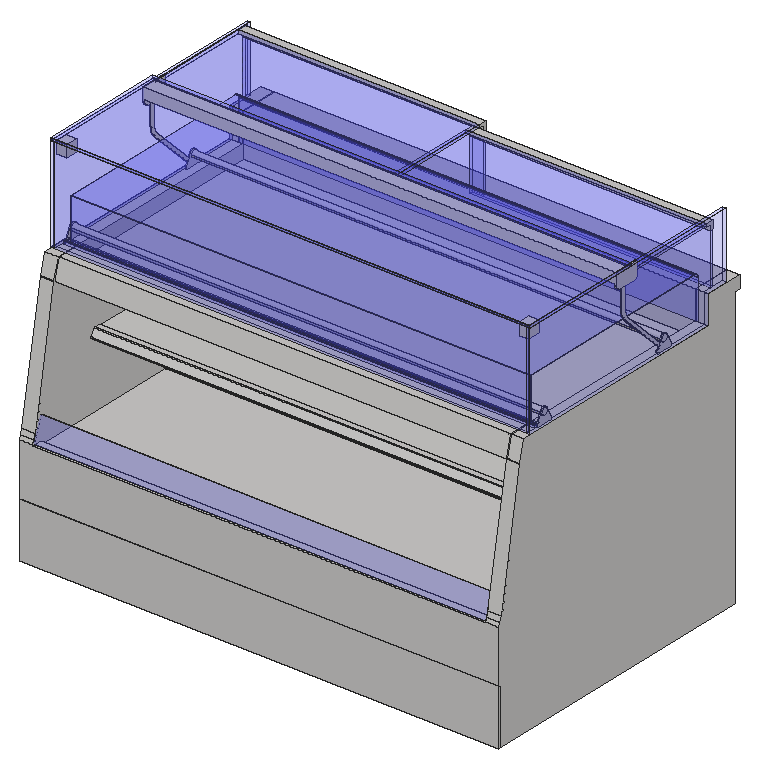
Revit family "Food-Service-Equipment_Oscartek_Gem_Combi-1500Rt_cat", category Specialty Equipment, Revit 2026 (continued)
Lines and regions (in)
  Split face 109
    outline origin (78.66942, -0.7874, 19.69127) x (0, 0, 1) y (1, 0, 0)
      loop
        arc (-11.31385, -24.64844) -> (-11.2717, -24.63434) -> (-11.2465, -24.59773) r 0.07008
        line (-11.2465, -24.59773) -> (-11.13107, -24.19633)
        arc (-11.13107, -24.19633) -> (-11.12085, -24.14839) -> (-11.11742, -24.09949) r 0.35039
  Split face 110
    outline origin (78.66942, -0.7874, 18.69127) x (0, 0, 1) y (1, 0, 0)
      loop
        line (-11.11742, -24.09949) -> (-11.11742, -23.22889)
        arc (-11.11742, -23.22889) -> (-11.12085, -23.17999) -> (-11.13107, -23.13205) r 0.35039
        line (-11.13107, -23.13205) -> (-11.2465, -22.73065)
        arc (-11.2465, -22.73065) -> (-11.2717, -22.69404) -> (-11.31385, -22.67994) r 0.07008
        line (-11.31385, -22.67994) -> (-11.41227, -22.67994) -> (-11.41227, -24.64844) -> (-11.31385, -24.64844)
        arc (-11.31385, -24.64844) -> (-11.2717, -24.63434) -> (-11.2465, -24.59773) r 0.07008
        line (-11.2465, -24.59773) -> (-11.13107, -24.19633)
        arc (-11.13107, -24.19633) -> (-11.12085, -24.14839) -> (-11.11742, -24.09949) r 0.35039
  Split face 111
    outline origin (78.66942, -0.7874, 17.69127) x (0, 0, 1) y (1, 0, 0)
      loop
        line (-11.11742, -24.09949) -> (-11.11742, -23.22889)
        arc (-11.11742, -23.22889) -> (-11.12085, -23.17999) -> (-11.13107, -23.13205) r 0.35039
        line (-11.13107, -23.13205) -> (-11.2465, -22.73065)
        arc (-11.2465, -22.73065) -> (-11.2717, -22.69404) -> (-11.31385, -22.67994) r 0.07008
        line (-11.31385, -22.67994) -> (-11.41227, -22.67994) -> (-11.41227, -24.64844) -> (-11.31385, -24.64844)
        arc (-11.31385, -24.64844) -> (-11.2717, -24.63434) -> (-11.2465, -24.59773) r 0.07008
        line (-11.2465, -24.59773) -> (-11.13107, -24.19633)
        arc (-11.13107, -24.19633) -> (-11.12085, -24.14839) -> (-11.11742, -24.09949) r 0.35039
  Split face 112
    outline origin (69.66942, -0.7874, 27.69127) x (0, 0, 1) y (1, 0, 0)
      loop
        line (-11.11742, -24.09949) -> (-11.11742, -23.22889)
        arc (-11.11742, -23.22889) -> (-11.12085, -23.17999) -> (-11.13107, -23.13205) r 0.35039
        line (-11.13107, -23.13205) -> (-11.2465, -22.73065)
        arc (-11.2465, -22.73065) -> (-11.2717, -22.69404) -> (-11.31385, -22.67994) r 0.07008
        line (-11.31385, -22.67994) -> (-11.41227, -22.67994) -> (-11.41227, -24.64844) -> (-11.31385, -24.64844)
        arc (-11.31385, -24.64844) -> (-11.2717, -24.63434) -> (-11.2465, -24.59773) r 0.07008
        line (-11.2465, -24.59773) -> (-11.13107, -24.19633)
        arc (-11.13107, -24.19633) -> (-11.12085, -24.14839) -> (-11.11742, -24.09949) r 0.35039
  Split face 113
    outline origin (71.91942, -0.7874, 27.69127) x (0, 0, 1) y (1, 0, 0)
      loop
        line (-11.11742, -24.09949) -> (-11.11742, -23.22889)
        arc (-11.11742, -23.22889) -> (-11.12085, -23.17999) -> (-11.13107, -23.13205) r 0.35039
        line (-11.13107, -23.13205) -> (-11.2465, -22.73065)
        arc (-11.2465, -22.73065) -> (-11.2717, -22.69404) -> (-11.31385, -22.67994) r 0.07008
        line (-11.31385, -22.67994) -> (-11.41227, -22.67994) -> (-11.41227, -24.64844) -> (-11.31385, -24.64844)
        arc (-11.31385, -24.64844) -> (-11.2717, -24.63434) -> (-11.2465, -24.59773) r 0.07008
        line (-11.2465, -24.59773) -> (-11.13107, -24.19633)
        arc (-11.13107, -24.19633) -> (-11.12085, -24.14839) -> (-11.11742, -24.09949) r 0.35039
  Split face 114
    outline origin (74.16942, -0.7874, 27.69127) x (0, 0, 1) y (1, 0, 0)
      loop
        line (-11.11742, -24.09949) -> (-11.11742, -23.22889)
        arc (-11.11742, -23.22889) -> (-11.12085, -23.17999) -> (-11.13107, -23.13205) r 0.35039
        line (-11.13107, -23.13205) -> (-11.2465, -22.73065)
        arc (-11.2465, -22.73065) -> (-11.2717, -22.69404) -> (-11.31385, -22.67994) r 0.07008
        line (-11.31385, -22.67994) -> (-11.41227, -22.67994) -> (-11.41227, -24.64844) -> (-11.31385, -24.64844)
        arc (-11.31385, -24.64844) -> (-11.2717, -24.63434) -> (-11.2465, -24.59773) r 0.07008
        line (-11.2465, -24.59773) -> (-11.13107, -24.19633)
        arc (-11.13107, -24.19633) -> (-11.12085, -24.14839) -> (-11.11742, -24.09949) r 0.35039
  Split face 115
    outline origin (76.41942, -0.7874, 27.69127) x (0, 0, 1) y (1, 0, 0)
      loop
        line (-11.11742, -24.09949) -> (-11.11742, -23.22889)
        arc (-11.11742, -23.22889) -> (-11.12085, -23.17999) -> (-11.13107, -23.13205) r 0.35039
        line (-11.13107, -23.13205) -> (-11.2465, -22.73065)
        arc (-11.2465, -22.73065) -> (-11.2717, -22.69404) -> (-11.31385, -22.67994) r 0.07008
        line (-11.31385, -22.67994) -> (-11.41227, -22.67994) -> (-11.41227, -24.64844) -> (-11.31385, -24.64844)
        arc (-11.31385, -24.64844) -> (-11.2717, -24.63434) -> (-11.2465, -24.59773) r 0.07008
        line (-11.2465, -24.59773) -> (-11.13107, -24.19633)
        arc (-11.13107, -24.19633) -> (-11.12085, -24.14839) -> (-11.11742, -24.09949) r 0.35039
  Split face 116
    outline origin (78.66942, -0.7874, 27.69127) x (0, 0, 1) y (1, 0, 0)
      loop
        line (-11.11742, -24.09949) -> (-11.11742, -23.22889)
        arc (-11.11742, -23.22889) -> (-11.12085, -23.17999) -> (-11.13107, -23.13205) r 0.35039
        line (-11.13107, -23.13205) -> (-11.2465, -22.73065)
        arc (-11.2465, -22.73065) -> (-11.2717, -22.69404) -> (-11.31385, -22.67994) r 0.07008
        line (-11.31385, -22.67994) -> (-11.41227, -22.67994) -> (-11.41227, -24.64844) -> (-11.31385, -24.64844)
        arc (-11.31385, -24.64844) -> (-11.2717, -24.63434) -> (-11.2465, -24.59773) r 0.07008
        line (-11.2465, -24.59773) -> (-11.13107, -24.19633)
        arc (-11.13107, -24.19633) -> (-11.12085, -24.14839) -> (-11.11742, -24.09949) r 0.35039
  Split face 117
    outline origin (9.84375, -0.5374, 26.69127) x (0, 0, 1) y (1, 0, 0)
      loop
        line (-8.59434, 19.75) -> (-9.40943, 19.75) -> (-9.40943, 17.67104) -> (-8.59434, 17.67104) -> (-8.59434, 19.75)
  Split face 118
    outline origin (7.64222, -0.5374, 26.68299) x (0, 0, 1) y (1, 0, 0)
      loop
        line (-8.58607, 19.73084) -> (-8.94073, 19.73084) -> (-8.94073, 19.20328) -> (-8.58607, 19.20328) -> (-8.58607, 19.73084)
  Split face 119
    outline origin (7.64222, -0.5374, 26.2226) x (0, 0, 1) y (1, 0, 0)
      loop
        line (-8.58607, 19.73084) -> (-8.94073, 19.73084) -> (-8.94073, 19.20328) -> (-8.58607, 19.20328) -> (-8.58607, 19.73084)
  Split face 120
    outline origin (7.03198, -0.5374, 26.68299) x (0, 0, 1) y (1, 0, 0)
      loop
        line (-8.58607, 19.73084) -> (-8.94073, 19.73084) -> (-8.94073, 19.20328) -> (-8.58607, 19.20328) -> (-8.58607, 19.73084)
  Split face 121
    outline origin (7.03198, -0.5374, 26.2226) x (0, 0, 1) y (1, 0, 0)
      loop
        line (-8.58607, 19.73084) -> (-8.94073, 19.73084) -> (-8.94073, 19.20328) -> (-8.58607, 19.20328) -> (-8.58607, 19.73084)
  Split face 122
    outline origin (6.42175, -0.5374, 26.68299) x (0, 0, 1) y (1, 0, 0)
      loop
        line (-8.58607, 19.73084) -> (-8.94073, 19.73084) -> (-8.94073, 19.20328) -> (-8.58607, 19.20328) -> (-8.58607, 19.73084)
  Split face 123
    outline origin (6.42175, -0.5374, 26.2226) x (0, 0, 1) y (1, 0, 0)
      loop
        line (-8.58607, 19.73084) -> (-8.94073, 19.73084) -> (-8.94073, 19.20328) -> (-8.58607, 19.20328) -> (-8.58607, 19.73084)
  Split face 124
    outline origin (5.81151, -0.5374, 26.68299) x (0, 0, 1) y (1, 0, 0)
      loop
        line (-8.58607, 19.73084) -> (-8.94073, 19.73084) -> (-8.94073, 19.20328) -> (-8.58607, 19.20328) -> (-8.58607, 19.73084)
  Split face 125
    outline origin (5.81151, -0.5374, 26.2226) x (0, 0, 1) y (1, 0, 0)
      loop
        line (-8.58607, 19.73084) -> (-8.94073, 19.73084) -> (-8.94073, 19.20328) -> (-8.58607, 19.20328) -> (-8.58607, 19.73084)
  Split face 126
    outline origin (-3.72398, -37.125, -27.09375) x (0, 0, 1) y (-1, 0, 0)
      loop
        line (29.0915, -14.05198) -> (29.18992, -14.05198)
        arc (29.18992, -14.05198) -> (29.23207, -14.03789) -> (29.25727, -14.00127) r 0.07008
        line (29.25727, -14.00127) -> (29.3727, -13.59987)
        arc (29.3727, -13.59987) -> (29.38291, -13.55193) -> (29.38634, -13.50303) r 0.35039
        line (29.38634, -13.50303) -> (29.38634, -12.63243)
        arc (29.38634, -12.63243) -> (29.38291, -12.58353) -> (29.3727, -12.53559) r 0.35039
        line (29.3727, -12.53559) -> (29.25727, -12.13419)
        arc (29.25727, -12.13419) -> (29.23207, -12.09758) -> (29.18992, -12.08348) r 0.07008
        line (29.18992, -12.08348) -> (29.0915, -12.08348) -> (29.0915, -14.05198)
  Split face 127
    outline origin (-3.67836, -37.125, -26.54631) x (0, 0, 1) y (-1, 0, 0)
      loop
        line (29.54406, -14.00636) -> (29.64248, -14.00636)
        arc (29.64248, -14.00636) -> (29.68463, -13.99227) -> (29.70983, -13.95565) r 0.07008
        line (29.70983, -13.95565) -> (29.82526, -13.55425)
        arc (29.82526, -13.55425) -> (29.83548, -13.50631) -> (29.83891, -13.45741) r 0.35039
        line (29.83891, -13.45741) -> (29.83891, -12.58681)
        arc (29.83891, -12.58681) -> (29.83548, -12.53791) -> (29.82526, -12.48997) r 0.35039
        line (29.82526, -12.48997) -> (29.70983, -12.08857)
        arc (29.70983, -12.08857) -> (29.68463, -12.05196) -> (29.64248, -12.03786) r 0.07008
        line (29.64248, -12.03786) -> (29.54406, -12.03786) -> (29.54406, -14.00636)
  Split face 128
    outline origin (-3.72398, -37.125, -28.09375) x (0, 0, 1) y (-1, 0, 0)
      loop
        line (29.0915, -14.05198) -> (29.18992, -14.05198)
        arc (29.18992, -14.05198) -> (29.23207, -14.03789) -> (29.25727, -14.00127) r 0.07008
        line (29.25727, -14.00127) -> (29.3727, -13.59987)
        arc (29.3727, -13.59987) -> (29.38291, -13.55193) -> (29.38634, -13.50303) r 0.35039
        line (29.38634, -13.50303) -> (29.38634, -12.63243)
        arc (29.38634, -12.63243) -> (29.38291, -12.58353) -> (29.3727, -12.53559) r 0.35039
        line (29.3727, -12.53559) -> (29.25727, -12.13419)
        arc (29.25727, -12.13419) -> (29.23207, -12.09758) -> (29.18992, -12.08348) r 0.07008
        line (29.18992, -12.08348) -> (29.0915, -12.08348) -> (29.0915, -14.05198)
  Split face 129
    outline origin (-1.47398, -37.125, -27.09375) x (0, 0, 1) y (-1, 0, 0)
      loop
        line (29.0915, -14.05198) -> (29.18992, -14.05198)
        arc (29.18992, -14.05198) -> (29.23207, -14.03789) -> (29.25727, -14.00127) r 0.07008
        line (29.25727, -14.00127) -> (29.3727, -13.59987)
        arc (29.3727, -13.59987) -> (29.38291, -13.55193) -> (29.38634, -13.50303) r 0.35039
        line (29.38634, -13.50303) -> (29.38634, -12.63243)
        arc (29.38634, -12.63243) -> (29.38291, -12.58353) -> (29.3727, -12.53559) r 0.35039
        line (29.3727, -12.53559) -> (29.25727, -12.13419)
        arc (29.25727, -12.13419) -> (29.23207, -12.09758) -> (29.18992, -12.08348) r 0.07008
        line (29.18992, -12.08348) -> (29.0915, -12.08348) -> (29.0915, -14.05198)
  Split face 130
    outline origin (-1.42836, -37.125, -26.54631) x (0, 0, 1) y (-1, 0, 0)
      loop
        line (29.54406, -14.00636) -> (29.64248, -14.00636)
        arc (29.64248, -14.00636) -> (29.68463, -13.99227) -> (29.70983, -13.95565) r 0.07008
        line (29.70983, -13.95565) -> (29.82526, -13.55425)
        arc (29.82526, -13.55425) -> (29.83548, -13.50631) -> (29.83891, -13.45741) r 0.35039
        line (29.83891, -13.45741) -> (29.83891, -12.58681)
        arc (29.83891, -12.58681) -> (29.83548, -12.53791) -> (29.82526, -12.48997) r 0.35039
        line (29.82526, -12.48997) -> (29.70983, -12.08857)
        arc (29.70983, -12.08857) -> (29.68463, -12.05196) -> (29.64248, -12.03786) r 0.07008
        line (29.64248, -12.03786) -> (29.54406, -12.03786) -> (29.54406, -14.00636)
  Split face 131
    outline origin (-1.47398, -37.125, -28.09375) x (0, 0, 1) y (-1, 0, 0)
      loop
        line (29.0915, -14.05198) -> (29.18992, -14.05198)
        arc (29.18992, -14.05198) -> (29.23207, -14.03789) -> (29.25727, -14.00127) r 0.07008
        line (29.25727, -14.00127) -> (29.3727, -13.59987)
        arc (29.3727, -13.59987) -> (29.38291, -13.55193) -> (29.38634, -13.50303) r 0.35039
        line (29.38634, -13.50303) -> (29.38634, -12.63243)
        arc (29.38634, -12.63243) -> (29.38291, -12.58353) -> (29.3727, -12.53559) r 0.35039
        line (29.3727, -12.53559) -> (29.25727, -12.13419)
        arc (29.25727, -12.13419) -> (29.23207, -12.09758) -> (29.18992, -12.08348) r 0.07008
        line (29.18992, -12.08348) -> (29.0915, -12.08348) -> (29.0915, -14.05198)
  Split face 132
    outline origin (0.77602, -37.125, -27.09375) x (0, 0, 1) y (-1, 0, 0)
      loop
        line (29.0915, -14.05198) -> (29.18992, -14.05198)
        arc (29.18992, -14.05198) -> (29.23207, -14.03789) -> (29.25727, -14.00127) r 0.07008
        line (29.25727, -14.00127) -> (29.3727, -13.59987)
        arc (29.3727, -13.59987) -> (29.38291, -13.55193) -> (29.38634, -13.50303) r 0.35039
        line (29.38634, -13.50303) -> (29.38634, -12.63243)
        arc (29.38634, -12.63243) -> (29.38291, -12.58353) -> (29.3727, -12.53559) r 0.35039
        line (29.3727, -12.53559) -> (29.25727, -12.13419)
        arc (29.25727, -12.13419) -> (29.23207, -12.09758) -> (29.18992, -12.08348) r 0.07008
        line (29.18992, -12.08348) -> (29.0915, -12.08348) -> (29.0915, -14.05198)
  Split face 133
    outline origin (0.82164, -37.125, -26.54631) x (0, 0, 1) y (-1, 0, 0)
      loop
        line (29.54406, -14.00636) -> (29.64248, -14.00636)
        arc (29.64248, -14.00636) -> (29.68463, -13.99227) -> (29.70983, -13.95565) r 0.07008
        line (29.70983, -13.95565) -> (29.82526, -13.55425)
        arc (29.82526, -13.55425) -> (29.83548, -13.50631) -> (29.83891, -13.45741) r 0.35039
        line (29.83891, -13.45741) -> (29.83891, -12.58681)
        arc (29.83891, -12.58681) -> (29.83548, -12.53791) -> (29.82526, -12.48997) r 0.35039
        line (29.82526, -12.48997) -> (29.70983, -12.08857)
        arc (29.70983, -12.08857) -> (29.68463, -12.05196) -> (29.64248, -12.03786) r 0.07008
        line (29.64248, -12.03786) -> (29.54406, -12.03786) -> (29.54406, -14.00636)
  Split face 134
    outline origin (0.77602, -37.125, -28.09375) x (0, 0, 1) y (-1, 0, 0)
      loop
        line (29.0915, -14.05198) -> (29.18992, -14.05198)
        arc (29.18992, -14.05198) -> (29.23207, -14.03789) -> (29.25727, -14.00127) r 0.07008
        line (29.25727, -14.00127) -> (29.3727, -13.59987)
        arc (29.3727, -13.59987) -> (29.38291, -13.55193) -> (29.38634, -13.50303) r 0.35039
        line (29.38634, -13.50303) -> (29.38634, -12.63243)
        arc (29.38634, -12.63243) -> (29.38291, -12.58353) -> (29.3727, -12.53559) r 0.35039
        line (29.3727, -12.53559) -> (29.25727, -12.13419)
        arc (29.25727, -12.13419) -> (29.23207, -12.09758) -> (29.18992, -12.08348) r 0.07008
        line (29.18992, -12.08348) -> (29.0915, -12.08348) -> (29.0915, -14.05198)
  Split face 135
    outline origin (3.02602, -37.125, -27.09375) x (0, 0, 1) y (-1, 0, 0)
      loop
        line (29.0915, -14.05198) -> (29.18992, -14.05198)
        arc (29.18992, -14.05198) -> (29.23207, -14.03789) -> (29.25727, -14.00127) r 0.07008
        line (29.25727, -14.00127) -> (29.3727, -13.59987)
        arc (29.3727, -13.59987) -> (29.38291, -13.55193) -> (29.38634, -13.50303) r 0.35039
        line (29.38634, -13.50303) -> (29.38634, -12.63243)
        arc (29.38634, -12.63243) -> (29.38291, -12.58353) -> (29.3727, -12.53559) r 0.35039
        line (29.3727, -12.53559) -> (29.25727, -12.13419)
        arc (29.25727, -12.13419) -> (29.23207, -12.09758) -> (29.18992, -12.08348) r 0.07008
        line (29.18992, -12.08348) -> (29.0915, -12.08348) -> (29.0915, -14.05198)
  Split face 136
    outline origin (3.07164, -37.125, -26.54631) x (0, 0, 1) y (-1, 0, 0)
      loop
        line (29.54406, -14.00636) -> (29.64248, -14.00636)
        arc (29.64248, -14.00636) -> (29.68463, -13.99227) -> (29.70983, -13.95565) r 0.07008
        line (29.70983, -13.95565) -> (29.82526, -13.55425)
        arc (29.82526, -13.55425) -> (29.83548, -13.50631) -> (29.83891, -13.45741) r 0.35039
        line (29.83891, -13.45741) -> (29.83891, -12.58681)
        arc (29.83891, -12.58681) -> (29.83548, -12.53791) -> (29.82526, -12.48997) r 0.35039
        line (29.82526, -12.48997) -> (29.70983, -12.08857)
        arc (29.70983, -12.08857) -> (29.68463, -12.05196) -> (29.64248, -12.03786) r 0.07008
        line (29.64248, -12.03786) -> (29.54406, -12.03786) -> (29.54406, -14.00636)
  Split face 137
    outline origin (3.02602, -37.125, -28.09375) x (0, 0, 1) y (-1, 0, 0)
      loop
        line (29.0915, -14.05198) -> (29.18992, -14.05198)
        arc (29.18992, -14.05198) -> (29.23207, -14.03789) -> (29.25727, -14.00127) r 0.07008
        line (29.25727, -14.00127) -> (29.3727, -13.59987)
        arc (29.3727, -13.59987) -> (29.38291, -13.55193) -> (29.38634, -13.50303) r 0.35039
        line (29.38634, -13.50303) -> (29.38634, -12.63243)
        arc (29.38634, -12.63243) -> (29.38291, -12.58353) -> (29.3727, -12.53559) r 0.35039
        line (29.3727, -12.53559) -> (29.25727, -12.13419)
        arc (29.25727, -12.13419) -> (29.23207, -12.09758) -> (29.18992, -12.08348) r 0.07008
        line (29.18992, -12.08348) -> (29.0915, -12.08348) -> (29.0915, -14.05198)
  Split face 138
    outline origin (5.27602, -37.125, -27.09375) x (0, 0, 1) y (-1, 0, 0)
      loop
        line (29.0915, -14.05198) -> (29.18992, -14.05198)
        arc (29.18992, -14.05198) -> (29.23207, -14.03789) -> (29.25727, -14.00127) r 0.07008
        line (29.25727, -14.00127) -> (29.3727, -13.59987)
        arc (29.3727, -13.59987) -> (29.38291, -13.55193) -> (29.38634, -13.50303) r 0.35039
        line (29.38634, -13.50303) -> (29.38634, -12.63243)
        arc (29.38634, -12.63243) -> (29.38291, -12.58353) -> (29.3727, -12.53559) r 0.35039
        line (29.3727, -12.53559) -> (29.25727, -12.13419)
        arc (29.25727, -12.13419) -> (29.23207, -12.09758) -> (29.18992, -12.08348) r 0.07008
        line (29.18992, -12.08348) -> (29.0915, -12.08348) -> (29.0915, -14.05198)
  Split face 139
    outline origin (5.32164, -37.125, -26.54631) x (0, 0, 1) y (-1, 0, 0)
      loop
        line (29.54406, -14.00636) -> (29.64248, -14.00636)
        arc (29.64248, -14.00636) -> (29.68463, -13.99227) -> (29.70983, -13.95565) r 0.07008
        line (29.70983, -13.95565) -> (29.82526, -13.55425)
        arc (29.82526, -13.55425) -> (29.83548, -13.50631) -> (29.83891, -13.45741) r 0.35039
        line (29.83891, -13.45741) -> (29.83891, -12.58681)
        arc (29.83891, -12.58681) -> (29.83548, -12.53791) -> (29.82526, -12.48997) r 0.35039
        line (29.82526, -12.48997) -> (29.70983, -12.08857)
        arc (29.70983, -12.08857) -> (29.68463, -12.05196) -> (29.64248, -12.03786) r 0.07008
        line (29.64248, -12.03786) -> (29.54406, -12.03786) -> (29.54406, -14.00636)
  Split face 140
    outline origin (5.27602, -37.125, -28.09375) x (0, 0, 1) y (-1, 0, 0)
      loop
        line (29.0915, -14.05198) -> (29.18992, -14.05198)
        arc (29.18992, -14.05198) -> (29.23207, -14.03789) -> (29.25727, -14.00127) r 0.07008
        line (29.25727, -14.00127) -> (29.3727, -13.59987)
        arc (29.3727, -13.59987) -> (29.38291, -13.55193) -> (29.38634, -13.50303) r 0.35039
        line (29.38634, -13.50303) -> (29.38634, -12.63243)
        arc (29.38634, -12.63243) -> (29.38291, -12.58353) -> (29.3727, -12.53559) r 0.35039
        line (29.3727, -12.53559) -> (29.25727, -12.13419)
        arc (29.25727, -12.13419) -> (29.23207, -12.09758) -> (29.18992, -12.08348) r 0.07008
        line (29.18992, -12.08348) -> (29.0915, -12.08348) -> (29.0915, -14.05198)
  Split face 141
    outline origin (67.41942, -0.7874, 26.69127) x (0, 0, 1) y (1, 0, 0)
      loop
        line (-11.11742, -24.09949) -> (-11.11742, -23.22889)
        arc (-11.11742, -23.22889) -> (-11.12085, -23.17999) -> (-11.13107, -23.13205) r 0.35039
        line (-11.13107, -23.13205) -> (-11.2465, -22.73065)
        arc (-11.2465, -22.73065) -> (-11.2717, -22.69404) -> (-11.31385, -22.67994) r 0.07008
        line (-11.31385, -22.67994) -> (-11.41227, -22.67994) -> (-11.41227, -24.64844) -> (-11.31385, -24.64844)
        arc (-11.31385, -24.64844) -> (-11.2717, -24.63434) -> (-11.2465, -24.59773) r 0.07008
        line (-11.2465, -24.59773) -> (-11.13107, -24.19633)
        arc (-11.13107, -24.19633) -> (-11.12085, -24.14839) -> (-11.11742, -24.09949) r 0.35039
  Split face 142
    outline origin (67.41942, -0.7874, 25.69127) x (0, 0, 1) y (1, 0, 0)
      loop
        line (-11.11742, -24.09949) -> (-11.11742, -23.22889)
        arc (-11.11742, -23.22889) -> (-11.12085, -23.17999) -> (-11.13107, -23.13205) r 0.35039
        line (-11.13107, -23.13205) -> (-11.2465, -22.73065)
        arc (-11.2465, -22.73065) -> (-11.2717, -22.69404) -> (-11.31385, -22.67994) r 0.07008
        line (-11.31385, -22.67994) -> (-11.41227, -22.67994) -> (-11.41227, -24.64844) -> (-11.31385, -24.64844)
        arc (-11.31385, -24.64844) -> (-11.2717, -24.63434) -> (-11.2465, -24.59773) r 0.07008
        line (-11.2465, -24.59773) -> (-11.13107, -24.19633)
        arc (-11.13107, -24.19633) -> (-11.12085, -24.14839) -> (-11.11742, -24.09949) r 0.35039
  Split face 143
    outline origin (67.41942, -0.7874, 24.69127) x (0, 0, 1) y (1, 0, 0)
      loop
        line (-11.11742, -24.09949) -> (-11.11742, -23.22889)
        arc (-11.11742, -23.22889) -> (-11.12085, -23.17999) -> (-11.13107, -23.13205) r 0.35039
        line (-11.13107, -23.13205) -> (-11.2465, -22.73065)
        arc (-11.2465, -22.73065) -> (-11.2717, -22.69404) -> (-11.31385, -22.67994) r 0.07008
        line (-11.31385, -22.67994) -> (-11.41227, -22.67994) -> (-11.41227, -24.64844) -> (-11.31385, -24.64844)
        arc (-11.31385, -24.64844) -> (-11.2717, -24.63434) -> (-11.2465, -24.59773) r 0.07008
        line (-11.2465, -24.59773) -> (-11.13107, -24.19633)
        arc (-11.13107, -24.19633) -> (-11.12085, -24.14839) -> (-11.11742, -24.09949) r 0.35039
  Split face 144
    outline origin (67.41942, -0.7874, 23.69127) x (0, 0, 1) y (1, 0, 0)
      loop
        line (-11.11742, -24.09949) -> (-11.11742, -23.22889)
        arc (-11.11742, -23.22889) -> (-11.12085, -23.17999) -> (-11.13107, -23.13205) r 0.35039
        line (-11.13107, -23.13205) -> (-11.2465, -22.73065)
        arc (-11.2465, -22.73065) -> (-11.2717, -22.69404) -> (-11.31385, -22.67994) r 0.07008
        line (-11.31385, -22.67994) -> (-11.41227, -22.67994) -> (-11.41227, -24.64844) -> (-11.31385, -24.64844)
        arc (-11.31385, -24.64844) -> (-11.2717, -24.63434) -> (-11.2465, -24.59773) r 0.07008
        line (-11.2465, -24.59773) -> (-11.13107, -24.19633)
        arc (-11.13107, -24.19633) -> (-11.12085, -24.14839) -> (-11.11742, -24.09949) r 0.35039
  Split face 145
    outline origin (67.41942, -0.7874, 22.69127) x (0, 0, 1) y (1, 0, 0)
      loop
        line (-11.11742, -24.09949) -> (-11.11742, -23.22889)
        arc (-11.11742, -23.22889) -> (-11.12085, -23.17999) -> (-11.13107, -23.13205) r 0.35039
        line (-11.13107, -23.13205) -> (-11.2465, -22.73065)
        arc (-11.2465, -22.73065) -> (-11.2717, -22.69404) -> (-11.31385, -22.67994) r 0.07008
        line (-11.31385, -22.67994) -> (-11.41227, -22.67994) -> (-11.41227, -24.64844) -> (-11.31385, -24.64844)
        arc (-11.31385, -24.64844) -> (-11.2717, -24.63434) -> (-11.2465, -24.59773) r 0.07008
        line (-11.2465, -24.59773) -> (-11.13107, -24.19633)
        arc (-11.13107, -24.19633) -> (-11.12085, -24.14839) -> (-11.11742, -24.09949) r 0.35039
  Split face 146
    outline origin (67.41942, -0.7874, 21.69127) x (0, 0, 1) y (1, 0, 0)
      loop
        line (-11.11742, -24.09949) -> (-11.11742, -23.22889)
        arc (-11.11742, -23.22889) -> (-11.12085, -23.17999) -> (-11.13107, -23.13205) r 0.35039
        line (-11.13107, -23.13205) -> (-11.2465, -22.73065)
        arc (-11.2465, -22.73065) -> (-11.2717, -22.69404) -> (-11.31385, -22.67994) r 0.07008
        line (-11.31385, -22.67994) -> (-11.41227, -22.67994) -> (-11.41227, -24.64844) -> (-11.31385, -24.64844)
        arc (-11.31385, -24.64844) -> (-11.2717, -24.63434) -> (-11.2465, -24.59773) r 0.07008
        line (-11.2465, -24.59773) -> (-11.13107, -24.19633)
        arc (-11.13107, -24.19633) -> (-11.12085, -24.14839) -> (-11.11742, -24.09949) r 0.35039
  Split face 147
    outline origin (67.41942, -0.7874, 20.69127) x (0, 0, 1) y (1, 0, 0)
      loop
        line (-11.11742, -24.09949) -> (-11.11742, -23.22889)
        arc (-11.11742, -23.22889) -> (-11.12085, -23.17999) -> (-11.13107, -23.13205) r 0.35039
        line (-11.13107, -23.13205) -> (-11.2465, -22.73065)
        arc (-11.2465, -22.73065) -> (-11.2717, -22.69404) -> (-11.31385, -22.67994) r 0.07008
        line (-11.31385, -22.67994) -> (-11.41227, -22.67994) -> (-11.41227, -24.64844) -> (-11.31385, -24.64844)
        arc (-11.31385, -24.64844) -> (-11.2717, -24.63434) -> (-11.2465, -24.59773) r 0.07008
        line (-11.2465, -24.59773) -> (-11.13107, -24.19633)
        arc (-11.13107, -24.19633) -> (-11.12085, -24.14839) -> (-11.11742, -24.09949) r 0.35039
  Split face 148
    outline origin (67.41942, -0.7874, 19.69127) x (0, 0, 1) y (1, 0, 0)
      loop
        line (-11.11742, -24.09949) -> (-11.11742, -23.22889)
        arc (-11.11742, -23.22889) -> (-11.12085, -23.17999) -> (-11.13107, -23.13205) r 0.35039
        line (-11.13107, -23.13205) -> (-11.2465, -22.73065)
        arc (-11.2465, -22.73065) -> (-11.2717, -22.69404) -> (-11.31385, -22.67994) r 0.07008
        line (-11.31385, -22.67994) -> (-11.41227, -22.67994) -> (-11.41227, -24.64844) -> (-11.31385, -24.64844)
        arc (-11.31385, -24.64844) -> (-11.2717, -24.63434) -> (-11.2465, -24.59773) r 0.07008
        line (-11.2465, -24.59773) -> (-11.13107, -24.19633)
        arc (-11.13107, -24.19633) -> (-11.12085, -24.14839) -> (-11.11742, -24.09949) r 0.35039
  Split face 149
    outline origin (67.41942, -0.7874, 18.69127) x (0, 0, 1) y (1, 0, 0)
      loop
        line (-11.11742, -24.09949) -> (-11.11742, -23.22889)
        arc (-11.11742, -23.22889) -> (-11.12085, -23.17999) -> (-11.13107, -23.13205) r 0.35039
        line (-11.13107, -23.13205) -> (-11.2465, -22.73065)
        arc (-11.2465, -22.73065) -> (-11.2717, -22.69404) -> (-11.31385, -22.67994) r 0.07008
        line (-11.31385, -22.67994) -> (-11.41227, -22.67994) -> (-11.41227, -24.64844) -> (-11.31385, -24.64844)
        arc (-11.31385, -24.64844) -> (-11.2717, -24.63434) -> (-11.2465, -24.59773) r 0.07008
        line (-11.2465, -24.59773) -> (-11.13107, -24.19633)
        arc (-11.13107, -24.19633) -> (-11.12085, -24.14839) -> (-11.11742, -24.09949) r 0.35039
  Split face 150
    outline origin (67.41942, -0.7874, 17.69127) x (0, 0, 1) y (1, 0, 0)
      loop
        line (-11.11742, -24.09949) -> (-11.11742, -23.22889)
        arc (-11.11742, -23.22889) -> (-11.12085, -23.17999) -> (-11.13107, -23.13205) r 0.35039
        line (-11.13107, -23.13205) -> (-11.2465, -22.73065)
        arc (-11.2465, -22.73065) -> (-11.2717, -22.69404) -> (-11.31385, -22.67994) r 0.07008
        line (-11.31385, -22.67994) -> (-11.41227, -22.67994) -> (-11.41227, -24.64844) -> (-11.31385, -24.64844)
        arc (-11.31385, -24.64844) -> (-11.2717, -24.63434) -> (-11.2465, -24.59773) r 0.07008
        line (-11.2465, -24.59773) -> (-11.13107, -24.19633)
        arc (-11.13107, -24.19633) -> (-11.12085, -24.14839) -> (-11.11742, -24.09949) r 0.35039
  Split face 151
    outline origin (67.41942, -0.7874, 27.69127) x (0, 0, 1) y (1, 0, 0)
      loop
        line (-11.11742, -24.09949) -> (-11.11742, -23.22889)
        arc (-11.11742, -23.22889) -> (-11.12085, -23.17999) -> (-11.13107, -23.13205) r 0.35039
        line (-11.13107, -23.13205) -> (-11.2465, -22.73065)
        arc (-11.2465, -22.73065) -> (-11.2717, -22.69404) -> (-11.31385, -22.67994) r 0.07008
        line (-11.31385, -22.67994) -> (-11.41227, -22.67994) -> (-11.41227, -24.64844) -> (-11.31385, -24.64844)
        arc (-11.31385, -24.64844) -> (-11.2717, -24.63434) -> (-11.2465, -24.59773) r 0.07008
        line (-11.2465, -24.59773) -> (-11.13107, -24.19633)
        arc (-11.13107, -24.19633) -> (-11.12085, -24.14839) -> (-11.11742, -24.09949) r 0.35039
  Split face 152
    outline origin (54.16942, -0.7874, 26.69127) x (0, 0, 1) y (1, 0, 0)
      loop
        line (-11.11742, -43.78699) -> (-11.11742, -42.91639)
        arc (-11.11742, -42.91639) -> (-11.12085, -42.86749) -> (-11.13107, -42.81955) r 0.35039
        line (-11.13107, -42.81955) -> (-11.2465, -42.41815)
        arc (-11.2465, -42.41815) -> (-11.2717, -42.38154) -> (-11.31385, -42.36744) r 0.07008
        line (-11.31385, -42.36744) -> (-11.41227, -42.36744) -> (-11.41227, -44.33594) -> (-11.31385, -44.33594)
        arc (-11.31385, -44.33594) -> (-11.2717, -44.32184) -> (-11.2465, -44.28523) r 0.07008
        line (-11.2465, -44.28523) -> (-11.13107, -43.88383)
        arc (-11.13107, -43.88383) -> (-11.12085, -43.83589) -> (-11.11742, -43.78699) r 0.35039
  Split face 153
    outline origin (54.16942, -0.7874, 25.69127) x (0, 0, 1) y (1, 0, 0)
      loop
        line (-11.11742, -43.78699) -> (-11.11742, -42.91639)
        arc (-11.11742, -42.91639) -> (-11.12085, -42.86749) -> (-11.13107, -42.81955) r 0.35039
        line (-11.13107, -42.81955) -> (-11.2465, -42.41815)
        arc (-11.2465, -42.41815) -> (-11.2717, -42.38154) -> (-11.31385, -42.36744) r 0.07008
        line (-11.31385, -42.36744) -> (-11.41227, -42.36744) -> (-11.41227, -44.33594) -> (-11.31385, -44.33594)
        arc (-11.31385, -44.33594) -> (-11.2717, -44.32184) -> (-11.2465, -44.28523) r 0.07008
        line (-11.2465, -44.28523) -> (-11.13107, -43.88383)
        arc (-11.13107, -43.88383) -> (-11.12085, -43.83589) -> (-11.11742, -43.78699) r 0.35039
  Split face 154
    outline origin (54.16942, -0.7874, 24.69127) x (0, 0, 1) y (1, 0, 0)
      loop
        line (-11.11742, -43.78699) -> (-11.11742, -42.91639)
        arc (-11.11742, -42.91639) -> (-11.12085, -42.86749) -> (-11.13107, -42.81955) r 0.35039
        line (-11.13107, -42.81955) -> (-11.2465, -42.41815)
        arc (-11.2465, -42.41815) -> (-11.2717, -42.38154) -> (-11.31385, -42.36744) r 0.07008
        line (-11.31385, -42.36744) -> (-11.41227, -42.36744) -> (-11.41227, -44.33594) -> (-11.31385, -44.33594)
        arc (-11.31385, -44.33594) -> (-11.2717, -44.32184) -> (-11.2465, -44.28523) r 0.07008
        line (-11.2465, -44.28523) -> (-11.13107, -43.88383)
        arc (-11.13107, -43.88383) -> (-11.12085, -43.83589) -> (-11.11742, -43.78699) r 0.35039
  Split face 155
    outline origin (54.16942, -0.7874, 23.69127) x (0, 0, 1) y (1, 0, 0)
      loop
        line (-11.11742, -43.78699) -> (-11.11742, -42.91639)
        arc (-11.11742, -42.91639) -> (-11.12085, -42.86749) -> (-11.13107, -42.81955) r 0.35039
        line (-11.13107, -42.81955) -> (-11.2465, -42.41815)
        arc (-11.2465, -42.41815) -> (-11.2717, -42.38154) -> (-11.31385, -42.36744) r 0.07008
        line (-11.31385, -42.36744) -> (-11.41227, -42.36744) -> (-11.41227, -44.33594) -> (-11.31385, -44.33594)
        arc (-11.31385, -44.33594) -> (-11.2717, -44.32184) -> (-11.2465, -44.28523) r 0.07008
        line (-11.2465, -44.28523) -> (-11.13107, -43.88383)
        arc (-11.13107, -43.88383) -> (-11.12085, -43.83589) -> (-11.11742, -43.78699) r 0.35039
  Split face 156
    outline origin (54.16942, -0.7874, 22.69127) x (0, 0, 1) y (1, 0, 0)
      loop
        line (-11.11742, -43.78699) -> (-11.11742, -42.91639)
        arc (-11.11742, -42.91639) -> (-11.12085, -42.86749) -> (-11.13107, -42.81955) r 0.35039
        line (-11.13107, -42.81955) -> (-11.2465, -42.41815)
        arc (-11.2465, -42.41815) -> (-11.2717, -42.38154) -> (-11.31385, -42.36744) r 0.07008
        line (-11.31385, -42.36744) -> (-11.41227, -42.36744) -> (-11.41227, -44.33594) -> (-11.31385, -44.33594)
        arc (-11.31385, -44.33594) -> (-11.2717, -44.32184) -> (-11.2465, -44.28523) r 0.07008
        line (-11.2465, -44.28523) -> (-11.13107, -43.88383)
        arc (-11.13107, -43.88383) -> (-11.12085, -43.83589) -> (-11.11742, -43.78699) r 0.35039
  Split face 157
    outline origin (54.16942, -0.7874, 21.69127) x (0, 0, 1) y (1, 0, 0)
      loop
        line (-11.11742, -43.78699) -> (-11.11742, -42.91639)
        arc (-11.11742, -42.91639) -> (-11.12085, -42.86749) -> (-11.13107, -42.81955) r 0.35039
        line (-11.13107, -42.81955) -> (-11.2465, -42.41815)
        arc (-11.2465, -42.41815) -> (-11.2717, -42.38154) -> (-11.31385, -42.36744) r 0.07008
        line (-11.31385, -42.36744) -> (-11.41227, -42.36744) -> (-11.41227, -44.33594) -> (-11.31385, -44.33594)
        arc (-11.31385, -44.33594) -> (-11.2717, -44.32184) -> (-11.2465, -44.28523) r 0.07008
        line (-11.2465, -44.28523) -> (-11.13107, -43.88383)
        arc (-11.13107, -43.88383) -> (-11.12085, -43.83589) -> (-11.11742, -43.78699) r 0.35039
  Split face 158
    outline origin (54.16942, -0.7874, 20.69127) x (0, 0, 1) y (1, 0, 0)
      loop
        line (-11.11742, -43.78699) -> (-11.11742, -42.91639)
        arc (-11.11742, -42.91639) -> (-11.12085, -42.86749) -> (-11.13107, -42.81955) r 0.35039
        line (-11.13107, -42.81955) -> (-11.2465, -42.41815)
        arc (-11.2465, -42.41815) -> (-11.2717, -42.38154) -> (-11.31385, -42.36744) r 0.07008
        line (-11.31385, -42.36744) -> (-11.41227, -42.36744) -> (-11.41227, -44.33594) -> (-11.31385, -44.33594)
        arc (-11.31385, -44.33594) -> (-11.2717, -44.32184) -> (-11.2465, -44.28523) r 0.07008
        line (-11.2465, -44.28523) -> (-11.13107, -43.88383)
        arc (-11.13107, -43.88383) -> (-11.12085, -43.83589) -> (-11.11742, -43.78699) r 0.35039
  Split face 159
    outline origin (54.16942, -0.7874, 19.69127) x (0, 0, 1) y (1, 0, 0)
      loop
        line (-11.11742, -43.78699) -> (-11.11742, -42.91639)
        arc (-11.11742, -42.91639) -> (-11.12085, -42.86749) -> (-11.13107, -42.81955) r 0.35039
        line (-11.13107, -42.81955) -> (-11.2465, -42.41815)
        arc (-11.2465, -42.41815) -> (-11.2717, -42.38154) -> (-11.31385, -42.36744) r 0.07008
        line (-11.31385, -42.36744) -> (-11.41227, -42.36744) -> (-11.41227, -44.33594) -> (-11.31385, -44.33594)
        arc (-11.31385, -44.33594) -> (-11.2717, -44.32184) -> (-11.2465, -44.28523) r 0.07008
        line (-11.2465, -44.28523) -> (-11.13107, -43.88383)
        arc (-11.13107, -43.88383) -> (-11.12085, -43.83589) -> (-11.11742, -43.78699) r 0.35039
  Split face 160
    outline origin (54.16942, -0.7874, 18.69127) x (0, 0, 1) y (1, 0, 0)
      loop
        line (-11.11742, -43.78699) -> (-11.11742, -42.91639)
        arc (-11.11742, -42.91639) -> (-11.12085, -42.86749) -> (-11.13107, -42.81955) r 0.35039
        line (-11.13107, -42.81955) -> (-11.2465, -42.41815)
        arc (-11.2465, -42.41815) -> (-11.2717, -42.38154) -> (-11.31385, -42.36744) r 0.07008
        line (-11.31385, -42.36744) -> (-11.41227, -42.36744) -> (-11.41227, -44.33594) -> (-11.31385, -44.33594)
        arc (-11.31385, -44.33594) -> (-11.2717, -44.32184) -> (-11.2465, -44.28523) r 0.07008
        line (-11.2465, -44.28523) -> (-11.13107, -43.88383)
        arc (-11.13107, -43.88383) -> (-11.12085, -43.83589) -> (-11.11742, -43.78699) r 0.35039
  Split face 161
    outline origin (54.16942, -0.7874, 17.69127) x (0, 0, 1) y (1, 0, 0)
      loop
        line (-11.11742, -43.78699) -> (-11.11742, -42.91639)
        arc (-11.11742, -42.91639) -> (-11.12085, -42.86749) -> (-11.13107, -42.81955) r 0.35039
        line (-11.13107, -42.81955) -> (-11.2465, -42.41815)
        arc (-11.2465, -42.41815) -> (-11.2717, -42.38154) -> (-11.31385, -42.36744) r 0.07008
        line (-11.31385, -42.36744) -> (-11.41227, -42.36744) -> (-11.41227, -44.33594) -> (-11.31385, -44.33594)
        arc (-11.31385, -44.33594) -> (-11.2717, -44.32184) -> (-11.2465, -44.28523) r 0.07008
        line (-11.2465, -44.28523) -> (-11.13107, -43.88383)
        arc (-11.13107, -43.88383) -> (-11.12085, -43.83589) -> (-11.11742, -43.78699) r 0.35039
  Split face 162
    outline origin (54.16942, -0.7874, 35.69127) x (0, 0, 1) y (1, 0, 0)
      loop
        line (-11.11742, -43.78699) -> (-11.11742, -42.91639)
        arc (-11.11742, -42.91639) -> (-11.12085, -42.86749) -> (-11.13107, -42.81955) r 0.35039
        line (-11.13107, -42.81955) -> (-11.2465, -42.41815)
        arc (-11.2465, -42.41815) -> (-11.2717, -42.38154) -> (-11.31385, -42.36744) r 0.07008
        line (-11.31385, -42.36744) -> (-11.41227, -42.36744) -> (-11.41227, -44.33594) -> (-11.31385, -44.33594)
        arc (-11.31385, -44.33594) -> (-11.2717, -44.32184) -> (-11.2465, -44.28523) r 0.07008
        line (-11.2465, -44.28523) -> (-11.13107, -43.88383)
        arc (-11.13107, -43.88383) -> (-11.12085, -43.83589) -> (-11.11742, -43.78699) r 0.35039
  Split face 163
    outline origin (54.16942, -0.7874, 34.69127) x (0, 0, 1) y (1, 0, 0)
      loop
        line (-11.11742, -43.78699) -> (-11.11742, -42.91639)
        arc (-11.11742, -42.91639) -> (-11.12085, -42.86749) -> (-11.13107, -42.81955) r 0.35039
        line (-11.13107, -42.81955) -> (-11.2465, -42.41815)
        arc (-11.2465, -42.41815) -> (-11.2717, -42.38154) -> (-11.31385, -42.36744) r 0.07008
        line (-11.31385, -42.36744) -> (-11.41227, -42.36744) -> (-11.41227, -44.33594) -> (-11.31385, -44.33594)
        arc (-11.31385, -44.33594) -> (-11.2717, -44.32184) -> (-11.2465, -44.28523) r 0.07008
        line (-11.2465, -44.28523) -> (-11.13107, -43.88383)
        arc (-11.13107, -43.88383) -> (-11.12085, -43.83589) -> (-11.11742, -43.78699) r 0.35039
  Split face 164
    outline origin (54.16942, -0.7874, 33.69127) x (0, 0, 1) y (1, 0, 0)
      loop
        line (-11.11742, -43.78699) -> (-11.11742, -42.91639)
        arc (-11.11742, -42.91639) -> (-11.12085, -42.86749) -> (-11.13107, -42.81955) r 0.35039
        line (-11.13107, -42.81955) -> (-11.2465, -42.41815)
        arc (-11.2465, -42.41815) -> (-11.2717, -42.38154) -> (-11.31385, -42.36744) r 0.07008
        line (-11.31385, -42.36744) -> (-11.41227, -42.36744) -> (-11.41227, -44.33594) -> (-11.31385, -44.33594)
        arc (-11.31385, -44.33594) -> (-11.2717, -44.32184) -> (-11.2465, -44.28523) r 0.07008
        line (-11.2465, -44.28523) -> (-11.13107, -43.88383)
        arc (-11.13107, -43.88383) -> (-11.12085, -43.83589) -> (-11.11742, -43.78699) r 0.35039
  Split face 165
    outline origin (54.16942, -0.7874, 32.69127) x (0, 0, 1) y (1, 0, 0)
      loop
        line (-11.11742, -43.78699) -> (-11.11742, -42.91639)
        arc (-11.11742, -42.91639) -> (-11.12085, -42.86749) -> (-11.13107, -42.81955) r 0.35039
        line (-11.13107, -42.81955) -> (-11.2465, -42.41815)
        arc (-11.2465, -42.41815) -> (-11.2717, -42.38154) -> (-11.31385, -42.36744) r 0.07008
        line (-11.31385, -42.36744) -> (-11.41227, -42.36744) -> (-11.41227, -44.33594) -> (-11.31385, -44.33594)
        arc (-11.31385, -44.33594) -> (-11.2717, -44.32184) -> (-11.2465, -44.28523) r 0.07008
        line (-11.2465, -44.28523) -> (-11.13107, -43.88383)
        arc (-11.13107, -43.88383) -> (-11.12085, -43.83589) -> (-11.11742, -43.78699) r 0.35039
  Split face 166
    outline origin (54.16942, -0.7874, 31.69127) x (0, 0, 1) y (1, 0, 0)
      loop
        line (-11.11742, -43.78699) -> (-11.11742, -42.91639)
        arc (-11.11742, -42.91639) -> (-11.12085, -42.86749) -> (-11.13107, -42.81955) r 0.35039
        line (-11.13107, -42.81955) -> (-11.2465, -42.41815)
        arc (-11.2465, -42.41815) -> (-11.2717, -42.38154) -> (-11.31385, -42.36744) r 0.07008
        line (-11.31385, -42.36744) -> (-11.41227, -42.36744) -> (-11.41227, -44.33594) -> (-11.31385, -44.33594)
        arc (-11.31385, -44.33594) -> (-11.2717, -44.32184) -> (-11.2465, -44.28523) r 0.07008
        line (-11.2465, -44.28523) -> (-11.13107, -43.88383)
        arc (-11.13107, -43.88383) -> (-11.12085, -43.83589) -> (-11.11742, -43.78699) r 0.35039
  Split face 167
    outline origin (54.16942, -0.7874, 30.69127) x (0, 0, 1) y (1, 0, 0)
      loop
        line (-11.11742, -43.78699) -> (-11.11742, -42.91639)
        arc (-11.11742, -42.91639) -> (-11.12085, -42.86749) -> (-11.13107, -42.81955) r 0.35039
        line (-11.13107, -42.81955) -> (-11.2465, -42.41815)
        arc (-11.2465, -42.41815) -> (-11.2717, -42.38154) -> (-11.31385, -42.36744) r 0.07008
        line (-11.31385, -42.36744) -> (-11.41227, -42.36744) -> (-11.41227, -44.33594) -> (-11.31385, -44.33594)
        arc (-11.31385, -44.33594) -> (-11.2717, -44.32184) -> (-11.2465, -44.28523) r 0.07008
        line (-11.2465, -44.28523) -> (-11.13107, -43.88383)
        arc (-11.13107, -43.88383) -> (-11.12085, -43.83589) -> (-11.11742, -43.78699) r 0.35039
  Split face 168
    outline origin (54.16942, -0.7874, 29.69127) x (0, 0, 1) y (1, 0, 0)
      loop
        line (-11.11742, -43.78699) -> (-11.11742, -42.91639)
        arc (-11.11742, -42.91639) -> (-11.12085, -42.86749) -> (-11.13107, -42.81955) r 0.35039
        line (-11.13107, -42.81955) -> (-11.2465, -42.41815)
        arc (-11.2465, -42.41815) -> (-11.2717, -42.38154) -> (-11.31385, -42.36744) r 0.07008
        line (-11.31385, -42.36744) -> (-11.41227, -42.36744) -> (-11.41227, -44.33594) -> (-11.31385, -44.33594)
        arc (-11.31385, -44.33594) -> (-11.2717, -44.32184) -> (-11.2465, -44.28523) r 0.07008
        line (-11.2465, -44.28523) -> (-11.13107, -43.88383)
        arc (-11.13107, -43.88383) -> (-11.12085, -43.83589) -> (-11.11742, -43.78699) r 0.35039
  Split face 169
    outline origin (54.16942, -0.7874, 28.69127) x (0, 0, 1) y (1, 0, 0)
      loop
        line (-11.11742, -43.78699) -> (-11.11742, -42.91639)
        arc (-11.11742, -42.91639) -> (-11.12085, -42.86749) -> (-11.13107, -42.81955) r 0.35039
        line (-11.13107, -42.81955) -> (-11.2465, -42.41815)
        arc (-11.2465, -42.41815) -> (-11.2717, -42.38154) -> (-11.31385, -42.36744) r 0.07008
        line (-11.31385, -42.36744) -> (-11.41227, -42.36744) -> (-11.41227, -44.33594) -> (-11.31385, -44.33594)
        arc (-11.31385, -44.33594) -> (-11.2717, -44.32184) -> (-11.2465, -44.28523) r 0.07008
        line (-11.2465, -44.28523) -> (-11.13107, -43.88383)
        arc (-11.13107, -43.88383) -> (-11.12085, -43.83589) -> (-11.11742, -43.78699) r 0.35039
  Split face 170
    outline origin (54.16942, -0.7874, 27.69127) x (0, 0, 1) y (1, 0, 0)
      loop
        line (-11.11742, -43.78699) -> (-11.11742, -42.91639)
        arc (-11.11742, -42.91639) -> (-11.12085, -42.86749) -> (-11.13107, -42.81955) r 0.35039
        line (-11.13107, -42.81955) -> (-11.2465, -42.41815)
        arc (-11.2465, -42.41815) -> (-11.2717, -42.38154) -> (-11.31385, -42.36744) r 0.07008
        line (-11.31385, -42.36744) -> (-11.41227, -42.36744) -> (-11.41227, -44.33594) -> (-11.31385, -44.33594)
        arc (-11.31385, -44.33594) -> (-11.2717, -44.32184) -> (-11.2465, -44.28523) r 0.07008
        line (-11.2465, -44.28523) -> (-11.13107, -43.88383)
        arc (-11.13107, -43.88383) -> (-11.12085, -43.83589) -> (-11.11742, -43.78699) r 0.35039
  Split face 171
    outline origin (54.16942, -0.7874, 36.69127) x (0, 0, 1) y (1, 0, 0)
      loop
        line (-11.11742, -43.78699) -> (-11.11742, -42.91639)
        arc (-11.11742, -42.91639) -> (-11.12085, -42.86749) -> (-11.13107, -42.81955) r 0.35039
        line (-11.13107, -42.81955) -> (-11.2465, -42.41815)
        arc (-11.2465, -42.41815) -> (-11.2717, -42.38154) -> (-11.31385, -42.36744) r 0.07008
        line (-11.31385, -42.36744) -> (-11.41227, -42.36744) -> (-11.41227, -44.33594) -> (-11.31385, -44.33594)
        arc (-11.31385, -44.33594) -> (-11.2717, -44.32184) -> (-11.2465, -44.28523) r 0.07008
        line (-11.2465, -44.28523) -> (-11.13107, -43.88383)
        arc (-11.13107, -43.88383) -> (-11.12085, -43.83589) -> (-11.11742, -43.78699) r 0.35039
  Split face 172
    outline origin (7.52602, -37.125, -27.09375) x (0, 0, 1) y (-1, 0, 0)
      loop
        line (29.0915, -14.05198) -> (29.18992, -14.05198)
        arc (29.18992, -14.05198) -> (29.23207, -14.03789) -> (29.25727, -14.00127) r 0.07008
        line (29.25727, -14.00127) -> (29.3727, -13.59987)
        arc (29.3727, -13.59987) -> (29.38291, -13.55193) -> (29.38634, -13.50303) r 0.35039
        line (29.38634, -13.50303) -> (29.38634, -12.63243)
        arc (29.38634, -12.63243) -> (29.38291, -12.58353) -> (29.3727, -12.53559) r 0.35039
        line (29.3727, -12.53559) -> (29.25727, -12.13419)
        arc (29.25727, -12.13419) -> (29.23207, -12.09758) -> (29.18992, -12.08348) r 0.07008
        line (29.18992, -12.08348) -> (29.0915, -12.08348) -> (29.0915, -14.05198)
  Split face 173
    outline origin (7.57164, -37.125, -26.54631) x (0, 0, 1) y (-1, 0, 0)
      loop
        line (29.54406, -14.00636) -> (29.64248, -14.00636)
        arc (29.64248, -14.00636) -> (29.68463, -13.99227) -> (29.70983, -13.95565) r 0.07008
        line (29.70983, -13.95565) -> (29.82526, -13.55425)
        arc (29.82526, -13.55425) -> (29.83548, -13.50631) -> (29.83891, -13.45741) r 0.35039
        line (29.83891, -13.45741) -> (29.83891, -12.58681)
        arc (29.83891, -12.58681) -> (29.83548, -12.53791) -> (29.82526, -12.48997) r 0.35039
        line (29.82526, -12.48997) -> (29.70983, -12.08857)
        arc (29.70983, -12.08857) -> (29.68463, -12.05196) -> (29.64248, -12.03786) r 0.07008
        line (29.64248, -12.03786) -> (29.54406, -12.03786) -> (29.54406, -14.00636)
  Split face 174
    outline origin (7.52602, -37.125, -28.09375) x (0, 0, 1) y (-1, 0, 0)
      loop
        line (29.0915, -14.05198) -> (29.18992, -14.05198)
        arc (29.18992, -14.05198) -> (29.23207, -14.03789) -> (29.25727, -14.00127) r 0.07008
        line (29.25727, -14.00127) -> (29.3727, -13.59987)
        arc (29.3727, -13.59987) -> (29.38291, -13.55193) -> (29.38634, -13.50303) r 0.35039
        line (29.38634, -13.50303) -> (29.38634, -12.63243)
        arc (29.38634, -12.63243) -> (29.38291, -12.58353) -> (29.3727, -12.53559) r 0.35039
        line (29.3727, -12.53559) -> (29.25727, -12.13419)
        arc (29.25727, -12.13419) -> (29.23207, -12.09758) -> (29.18992, -12.08348) r 0.07008
        line (29.18992, -12.08348) -> (29.0915, -12.08348) -> (29.0915, -14.05198)
  Split face 175
    outline origin (9.77602, -37.125, -27.09375) x (0, 0, 1) y (-1, 0, 0)
      loop
        line (29.0915, -14.05198) -> (29.18992, -14.05198)
        arc (29.18992, -14.05198) -> (29.23207, -14.03789) -> (29.25727, -14.00127) r 0.07008
        line (29.25727, -14.00127) -> (29.3727, -13.59987)
        arc (29.3727, -13.59987) -> (29.38291, -13.55193) -> (29.38634, -13.50303) r 0.35039
        line (29.38634, -13.50303) -> (29.38634, -12.63243)
        arc (29.38634, -12.63243) -> (29.38291, -12.58353) -> (29.3727, -12.53559) r 0.35039
        line (29.3727, -12.53559) -> (29.25727, -12.13419)
        arc (29.25727, -12.13419) -> (29.23207, -12.09758) -> (29.18992, -12.08348) r 0.07008
        line (29.18992, -12.08348) -> (29.0915, -12.08348) -> (29.0915, -14.05198)
  Split face 176
    outline origin (9.82164, -37.125, -26.54631) x (0, 0, 1) y (-1, 0, 0)
      loop
        line (29.54406, -14.00636) -> (29.64248, -14.00636)
        arc (29.64248, -14.00636) -> (29.68463, -13.99227) -> (29.70983, -13.95565) r 0.07008
        line (29.70983, -13.95565) -> (29.82526, -13.55425)
        arc (29.82526, -13.55425) -> (29.83548, -13.50631) -> (29.83891, -13.45741) r 0.35039
        line (29.83891, -13.45741) -> (29.83891, -12.58681)
        arc (29.83891, -12.58681) -> (29.83548, -12.53791) -> (29.82526, -12.48997) r 0.35039
        line (29.82526, -12.48997) -> (29.70983, -12.08857)
        arc (29.70983, -12.08857) -> (29.68463, -12.05196) -> (29.64248, -12.03786) r 0.07008
        line (29.64248, -12.03786) -> (29.54406, -12.03786) -> (29.54406, -14.00636)
  Split face 177
    outline origin (9.77602, -37.125, -28.09375) x (0, 0, 1) y (-1, 0, 0)
      loop
        line (29.0915, -14.05198) -> (29.18992, -14.05198)
        arc (29.18992, -14.05198) -> (29.23207, -14.03789) -> (29.25727, -14.00127) r 0.07008
        line (29.25727, -14.00127) -> (29.3727, -13.59987)
        arc (29.3727, -13.59987) -> (29.38291, -13.55193) -> (29.38634, -13.50303) r 0.35039
        line (29.38634, -13.50303) -> (29.38634, -12.63243)
        arc (29.38634, -12.63243) -> (29.38291, -12.58353) -> (29.3727, -12.53559) r 0.35039
        line (29.3727, -12.53559) -> (29.25727, -12.13419)
        arc (29.25727, -12.13419) -> (29.23207, -12.09758) -> (29.18992, -12.08348) r 0.07008
        line (29.18992, -12.08348) -> (29.0915, -12.08348) -> (29.0915, -14.05198)
  Split face 178
    outline origin (56.41942, -0.7874, 26.69127) x (0, 0, 1) y (1, 0, 0)
      loop
        line (-11.11742, -43.78699) -> (-11.11742, -42.91639)
        arc (-11.11742, -42.91639) -> (-11.12085, -42.86749) -> (-11.13107, -42.81955) r 0.35039
        line (-11.13107, -42.81955) -> (-11.2465, -42.41815)
        arc (-11.2465, -42.41815) -> (-11.2717, -42.38154) -> (-11.31385, -42.36744) r 0.07008
        line (-11.31385, -42.36744) -> (-11.41227, -42.36744) -> (-11.41227, -44.33594) -> (-11.31385, -44.33594)
        arc (-11.31385, -44.33594) -> (-11.2717, -44.32184) -> (-11.2465, -44.28523) r 0.07008
        line (-11.2465, -44.28523) -> (-11.13107, -43.88383)
        arc (-11.13107, -43.88383) -> (-11.12085, -43.83589) -> (-11.11742, -43.78699) r 0.35039
  Split face 179
    outline origin (56.41942, -0.7874, 25.69127) x (0, 0, 1) y (1, 0, 0)
      loop
        line (-11.11742, -43.78699) -> (-11.11742, -42.91639)
        arc (-11.11742, -42.91639) -> (-11.12085, -42.86749) -> (-11.13107, -42.81955) r 0.35039
        line (-11.13107, -42.81955) -> (-11.2465, -42.41815)
        arc (-11.2465, -42.41815) -> (-11.2717, -42.38154) -> (-11.31385, -42.36744) r 0.07008
        line (-11.31385, -42.36744) -> (-11.41227, -42.36744) -> (-11.41227, -44.33594) -> (-11.31385, -44.33594)
        arc (-11.31385, -44.33594) -> (-11.2717, -44.32184) -> (-11.2465, -44.28523) r 0.07008
        line (-11.2465, -44.28523) -> (-11.13107, -43.88383)
        arc (-11.13107, -43.88383) -> (-11.12085, -43.83589) -> (-11.11742, -43.78699) r 0.35039
  Split face 180
    outline origin (56.41942, -0.7874, 24.69127) x (0, 0, 1) y (1, 0, 0)
      loop
        line (-11.11742, -43.78699) -> (-11.11742, -42.91639)
        arc (-11.11742, -42.91639) -> (-11.12085, -42.86749) -> (-11.13107, -42.81955) r 0.35039
        line (-11.13107, -42.81955) -> (-11.2465, -42.41815)
        arc (-11.2465, -42.41815) -> (-11.2717, -42.38154) -> (-11.31385, -42.36744) r 0.07008
        line (-11.31385, -42.36744) -> (-11.41227, -42.36744) -> (-11.41227, -44.33594) -> (-11.31385, -44.33594)
        arc (-11.31385, -44.33594) -> (-11.2717, -44.32184) -> (-11.2465, -44.28523) r 0.07008
        line (-11.2465, -44.28523) -> (-11.13107, -43.88383)
        arc (-11.13107, -43.88383) -> (-11.12085, -43.83589) -> (-11.11742, -43.78699) r 0.35039
  Split face 181
    outline origin (56.41942, -0.7874, 23.69127) x (0, 0, 1) y (1, 0, 0)
      loop
        line (-11.11742, -43.78699) -> (-11.11742, -42.91639)
        arc (-11.11742, -42.91639) -> (-11.12085, -42.86749) -> (-11.13107, -42.81955) r 0.35039
        line (-11.13107, -42.81955) -> (-11.2465, -42.41815)
        arc (-11.2465, -42.41815) -> (-11.2717, -42.38154) -> (-11.31385, -42.36744) r 0.07008
        line (-11.31385, -42.36744) -> (-11.41227, -42.36744) -> (-11.41227, -44.33594) -> (-11.31385, -44.33594)
        arc (-11.31385, -44.33594) -> (-11.2717, -44.32184) -> (-11.2465, -44.28523) r 0.07008
        line (-11.2465, -44.28523) -> (-11.13107, -43.88383)
        arc (-11.13107, -43.88383) -> (-11.12085, -43.83589) -> (-11.11742, -43.78699) r 0.35039
  Split face 182
    outline origin (56.41942, -0.7874, 22.69127) x (0, 0, 1) y (1, 0, 0)
      loop
        line (-11.11742, -43.78699) -> (-11.11742, -42.91639)
        arc (-11.11742, -42.91639) -> (-11.12085, -42.86749) -> (-11.13107, -42.81955) r 0.35039
        line (-11.13107, -42.81955) -> (-11.2465, -42.41815)
        arc (-11.2465, -42.41815) -> (-11.2717, -42.38154) -> (-11.31385, -42.36744) r 0.07008
        line (-11.31385, -42.36744) -> (-11.41227, -42.36744) -> (-11.41227, -44.33594) -> (-11.31385, -44.33594)
        arc (-11.31385, -44.33594) -> (-11.2717, -44.32184) -> (-11.2465, -44.28523) r 0.07008
        line (-11.2465, -44.28523) -> (-11.13107, -43.88383)
        arc (-11.13107, -43.88383) -> (-11.12085, -43.83589) -> (-11.11742, -43.78699) r 0.35039
  Split face 183
    outline origin (56.41942, -0.7874, 21.69127) x (0, 0, 1) y (1, 0, 0)
      loop
        line (-11.11742, -43.78699) -> (-11.11742, -42.91639)
        arc (-11.11742, -42.91639) -> (-11.12085, -42.86749) -> (-11.13107, -42.81955) r 0.35039
        line (-11.13107, -42.81955) -> (-11.2465, -42.41815)
        arc (-11.2465, -42.41815) -> (-11.2717, -42.38154) -> (-11.31385, -42.36744) r 0.07008
        line (-11.31385, -42.36744) -> (-11.41227, -42.36744) -> (-11.41227, -44.33594) -> (-11.31385, -44.33594)
        arc (-11.31385, -44.33594) -> (-11.2717, -44.32184) -> (-11.2465, -44.28523) r 0.07008
        line (-11.2465, -44.28523) -> (-11.13107, -43.88383)
        arc (-11.13107, -43.88383) -> (-11.12085, -43.83589) -> (-11.11742, -43.78699) r 0.35039
  Split face 184
    outline origin (56.41942, -0.7874, 20.69127) x (0, 0, 1) y (1, 0, 0)
      loop
        line (-11.11742, -43.78699) -> (-11.11742, -42.91639)
        arc (-11.11742, -42.91639) -> (-11.12085, -42.86749) -> (-11.13107, -42.81955) r 0.35039
        line (-11.13107, -42.81955) -> (-11.2465, -42.41815)
        arc (-11.2465, -42.41815) -> (-11.2717, -42.38154) -> (-11.31385, -42.36744) r 0.07008
        line (-11.31385, -42.36744) -> (-11.41227, -42.36744) -> (-11.41227, -44.33594) -> (-11.31385, -44.33594)
        arc (-11.31385, -44.33594) -> (-11.2717, -44.32184) -> (-11.2465, -44.28523) r 0.07008
        line (-11.2465, -44.28523) -> (-11.13107, -43.88383)
        arc (-11.13107, -43.88383) -> (-11.12085, -43.83589) -> (-11.11742, -43.78699) r 0.35039
  Split face 185
    outline origin (56.41942, -0.7874, 19.69127) x (0, 0, 1) y (1, 0, 0)
      loop
        line (-11.11742, -43.78699) -> (-11.11742, -42.91639)
        arc (-11.11742, -42.91639) -> (-11.12085, -42.86749) -> (-11.13107, -42.81955) r 0.35039
        line (-11.13107, -42.81955) -> (-11.2465, -42.41815)
        arc (-11.2465, -42.41815) -> (-11.2717, -42.38154) -> (-11.31385, -42.36744) r 0.07008
        line (-11.31385, -42.36744) -> (-11.41227, -42.36744) -> (-11.41227, -44.33594) -> (-11.31385, -44.33594)
        arc (-11.31385, -44.33594) -> (-11.2717, -44.32184) -> (-11.2465, -44.28523) r 0.07008
        line (-11.2465, -44.28523) -> (-11.13107, -43.88383)
        arc (-11.13107, -43.88383) -> (-11.12085, -43.83589) -> (-11.11742, -43.78699) r 0.35039
  Split face 186
    outline origin (56.41942, -0.7874, 18.69127) x (0, 0, 1) y (1, 0, 0)
      loop
        line (-11.11742, -43.78699) -> (-11.11742, -42.91639)
        arc (-11.11742, -42.91639) -> (-11.12085, -42.86749) -> (-11.13107, -42.81955) r 0.35039
        line (-11.13107, -42.81955) -> (-11.2465, -42.41815)
        arc (-11.2465, -42.41815) -> (-11.2717, -42.38154) -> (-11.31385, -42.36744) r 0.07008
        line (-11.31385, -42.36744) -> (-11.41227, -42.36744) -> (-11.41227, -44.33594) -> (-11.31385, -44.33594)
        arc (-11.31385, -44.33594) -> (-11.2717, -44.32184) -> (-11.2465, -44.28523) r 0.07008
        line (-11.2465, -44.28523) -> (-11.13107, -43.88383)
        arc (-11.13107, -43.88383) -> (-11.12085, -43.83589) -> (-11.11742, -43.78699) r 0.35039
  Split face 187
    outline origin (56.41942, -0.7874, 17.69127) x (0, 0, 1) y (1, 0, 0)
      loop
        line (-11.11742, -43.78699) -> (-11.11742, -42.91639)
        arc (-11.11742, -42.91639) -> (-11.12085, -42.86749) -> (-11.13107, -42.81955) r 0.35039
        line (-11.13107, -42.81955) -> (-11.2465, -42.41815)
        arc (-11.2465, -42.41815) -> (-11.2717, -42.38154) -> (-11.31385, -42.36744) r 0.07008
        line (-11.31385, -42.36744) -> (-11.41227, -42.36744) -> (-11.41227, -44.33594) -> (-11.31385, -44.33594)
        arc (-11.31385, -44.33594) -> (-11.2717, -44.32184) -> (-11.2465, -44.28523) r 0.07008
        line (-11.2465, -44.28523) -> (-11.13107, -43.88383)
        arc (-11.13107, -43.88383) -> (-11.12085, -43.83589) -> (-11.11742, -43.78699) r 0.35039
